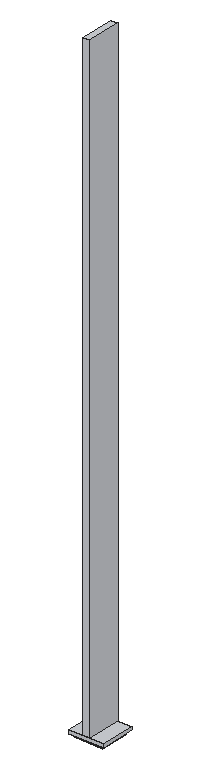
Revit family "Poste retangular", category Balaústres, Revit 2019
Family settings
  Número OmniClass = 23.30.80.11.11.14
  Título OmniClass = Posts, Newel Posts, Pickets
  ID de item do Seek = Post - Round-0000-CAN-ENU
  Sempre na vertical = Sim
  Corte com vazios quando carregada = Não
  Compartilhado = Não
Parameters (values of type "10 x 50mm")
  built-in parameter 1008623 [instance] = (empty or 0)
  built-in parameter 1008625 [instance] = (empty or 0)
  Comprimento = 50 mm
  Material de poste = none
  Largura = 10 mm
  Post = yes
  built-in parameter 1008624 [instance] = (empty or 0)
  built-in parameter 1008622 [instance] = 900 mm
Reference planes
  plane 1 "Centro (Frente/Trás)": y = 0
  plane 2: z = 0
  plane 3 "Centro (Esquerda/Direita)": x = 0
  plane 4 "Superior": z = 900
  plane 5: x = -5
  plane 6: x = 5
  plane 7: y = 25
  plane 8: y = -25
  plane 9: z = 5
  plane 10: z = 10
  plane 11: x = 25
  plane 12: x = -25
  plane 13: x = -20
  plane 14: x = 20
  plane 15: y = 20
  plane 16: y = -20
Forms (mm)
  Extrusion 1, solid
    sketch origin (0, 0, 0) x (1, 0, 0) y (0, 1, 0)
      loop
        line (-5, 25) -> (-5, -25) -> (5, -25) -> (5, 25) -> (-5, 25)
    from 10 to 900
  Extrusion 2, solid
    sketch origin (0, 0, 0) x (1, 0, 0) y (0, 1, 0)
      loop
        line (-25, 25) -> (-25, -25) -> (25, -25) -> (25, 25) -> (-25, 25)
    from 5 to 10
  Extrusion 3, solid
    sketch origin (0, 0, 0) x (1, 0, 0) y (0, 1, 0)
      loop
        line (-20, 20) -> (-20, -20) -> (20, -20) -> (20, 20) -> (-20, 20)
    from 0 to 5
Dimensions and locks
  "built-in parameter 1008622": plane 2 to plane 4 "Superior"
  "Comprimento": plane 7 to plane 8
  "Largura": plane 5 to plane 6
  equal spacing: plane 5, plane 3 "Centro (Esquerda/Direita)", plane 6
  equal spacing: plane 7, plane 1 "Centro (Frente/Trás)", plane 8
  equal spacing: plane 15, plane 1 "Centro (Frente/Trás)", plane 16
  equal spacing: plane 13, plane 3 "Centro (Esquerda/Direita)", plane 14
  locked: plane 7 to plane 15 at 5
  locked: plane 6 to plane 14 at 15
  locked: plane 14 to plane 11 at 5
  equal spacing: plane 12, plane 3 "Centro (Esquerda/Direita)", plane 11
  locked: plane 2 to plane 9 at 5
  locked: plane 9 to plane 10 at 5
  aligned and locked: Extrusion 1 sketch curve to plane 7
  aligned and locked: plane 5 to Extrusion 1 sketch curve
  aligned and locked: plane 8 to Extrusion 1 sketch curve
  aligned and locked: Extrusion 1 sketch curve to plane 6
  aligned and locked: Extrusion 1 to plane 4 "Superior"
  aligned and locked: Extrusion 2 sketch curve to plane 7
  aligned and locked: plane 12 to Extrusion 2 sketch curve
  aligned and locked: plane 8 to Extrusion 2 sketch curve
  aligned and locked: Extrusion 2 sketch curve to plane 11
  aligned and locked: plane 10 to Extrusion 2
  aligned and locked: Extrusion 2 to plane 9
  aligned and locked: Extrusion 1 to plane 10
  aligned and locked: plane 11 to Extrusion 2
  aligned and locked: Extrusion 2 to plane 12
  aligned and locked: Extrusion 2 to plane 10
  aligned and locked: plane 9 to Extrusion 2
  aligned and locked: Extrusion 3 to plane 2
  aligned and locked: plane 9 to Extrusion 3
  aligned and locked: plane 14 to Extrusion 3
  aligned and locked: Extrusion 3 to plane 13
Automatic sketch dimensions
  Extrusion 3 sketch curve to plane 13 = 0 mm
  Extrusion 3 sketch curve to plane 14 = 0 mm
  Extrusion 3 sketch curve to plane 16 = 0 mm
  Extrusion 3 sketch curve to plane 15 = 0 mm
